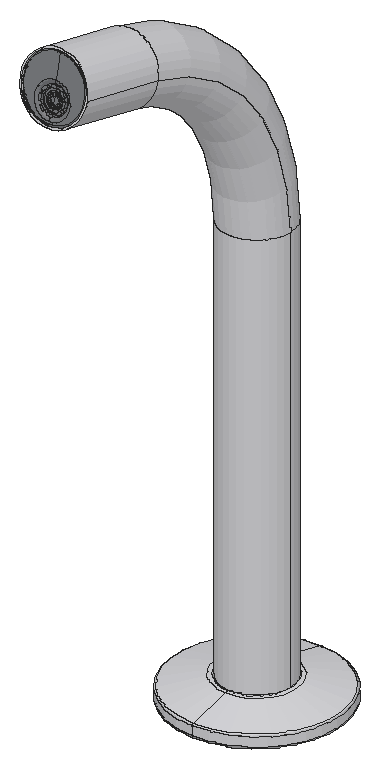
Revit family "Faucet-Touchless-Wall_Mount-Lavatory-KOHLER-Components-K-126MT36-1", category Plumbing Fixtures, host Face, Revit 2021
Family settings
  Host = Face
  Round Connector Dimension = Use Diameter
  Part Type = Normal
  OmniClass Number = 23.31.11.00
  OmniClass Title = Faucets
  Cut with Voids When Loaded = No
  Shared = No
  Room Calculation Point = No
Parameters (values of type "CP-Polished Chrome")
  Width = 2.3622"  # constant formula
  WaterSense Certified = 1 = 0  # no
  Waste Water Outlet = "Waste Water Outlet"  # constant formula
  Waste Connection = 1 = 0  # no
  Vent Connection = 1 = 0  # no
  URL = "https://www.us.kohler.com/us/"
  Type = 1
  Spout Reach = 9.50394"  # constant formula
  Product Page URL = "http://www.us.kohler.com/us/catalog/productDetails.jsp?productNumber=126MT36-SANA"
  Product Name = "Components"  # constant formula
  Product Documentation Link = "https://www.us.kohler.com/webassets/kpna/catalog/pdf/en/K-126MT36-SANA_spec_US-CA_Kohler_en.pdf"
  Pressure = 0.00 psi
  Model = "K-126MT36-SANA-CP"  # constant formula
  Material = "Premium Metal Construction"  # constant formula
  Master Format 2014 Name = "Residential Faucets, Supplies, and Trim"  # constant formula
  Master Format 2014 = "22 41 39"  # constant formula
  Manufacturer Address = "444 Highland Dr, Kohler, WI 53044"  # constant formula
  Manufacturer = "Kohler Co."  # constant formula
  Length = Spout Reach  # 9.50394"
  Hot Water Inlet = "Hot Water Inlet"  # constant formula
  Height = 2.3622"  # constant formula
  HW Connection = 1 = 0  # no
  Flow Rate = 0.5 GPM  # constant formula
  Finish = Kohler-Metal-CP-Polished_Chrome
  Environmental Product Declaration = ""
  Drain Included = 1 = 1  # yes
  Description = "Tube Wall Mount LL 0.5 GPM Hybrid - Cold Only"  # constant formula
  Default Elevation = 36"
  Declare Label = ""
  Date Modified = "01/14/2023"  # constant formula
  Date Created = "01/14/2023"  # constant formula
  Copyright = "Copyright Kohler Co."  # constant formula
  Contact Us = "https://www.us.kohler.com/us/static/contact.jsp"
  Cold Water Inlet = "Cold Water Inlet"  # constant formula
  CW Connection = 1 = 1  # yes
  Assembly Code = "D2010"
  ADA Compliant = 1 = 0  # no
Reference planes (in)
  plane 1 "Center (Front/Back)": y = 0
  plane 2: z = 0
  plane 3 "Center (Left/Right)": x = 0
  plane 4: y = 1.1811024
  plane 5: x = 1.1811024
  plane 6: x = -1.1811024
  plane 7: y = -1.1811024
  plane 8: y = -3.7716535
  plane 9: x = -0.492126
  plane 10: x = 0.492126
  plane 11: y = -3.8278338
  plane 12: z = 10.1299213
  plane 13: z = 9.503937
  plane 14: z = 0.3307087
Dimensions and locks (in)
  "Height": plane 4 to plane 7
  "Width": plane 6 to plane 5
  plane 1 "Center (Front/Back)" to plane 8 = 3.77165"
  "Length": plane 13 to level
  plane 9 to plane 10 = 0.98425"
  level to plane 12 = 10.12992"
  plane 14 to level = 0.33071"
  aligned and locked: plane 2 to host face
  aligned and locked: level to host face
  aligned and locked: plane 3 "Center (Left/Right)" to nested 1
  aligned and locked: plane 1 "Center (Front/Back)" to nested 1
  aligned and locked: plane 6 to nested 1
  aligned and locked: plane 5 to nested 1
  aligned and locked: plane 4 to nested 1
  aligned and locked: plane 7 to nested 1
  aligned and locked: plane 9 to nested 1
  aligned and locked: plane 10 to nested 1
  aligned and locked: plane 8 to nested 1
  aligned and locked: plane 11 to nested 1
Automatic sketch dimensions
  host sketch curve to host sketch curve = 96"  (x2)
Nested families (in)
  nested 1: "K-126MT36" at (0, 0, 0), type "K-126MT36"
Connectors (in)
  piping at (0, 0, 0), diameter 0.5, driven by "Flow Rate", driven by "CW Connection", driven by "Cold Water Inlet"
    settings: on nested 1, index 1, connector inside diameter 24", connector length 0", flow factor 0, pipe flow 0.5 GPM, pressure drop 0.00 psi, fitting loss kfactor 0, connector angle 0.00°, fixture units 0, engagement length 0", angle of deflection 0.00°, flow configuration 1, flow direction 1, fitting loss method 0, system type 20, joint type 0, gender type 0, connector reference index -1, connector utility 1, adjustable connector no, is connector primary yes, connector description "Cold Water Inlet"
Definition of nested family "K-126MT36"
  Parameters
    Material = none
    Default Elevation = 0"
  Reference planes (in)
    plane 1 "Center (Front/Back)": y = 0
    plane 2: z = 0
    plane 3 "Center (Left/Right)": x = 0
    plane 4: x = -1.1811024
    plane 5: x = 1.1811024
    plane 6: y = 1.1811024
    plane 7: y = -1.1811024
    plane 8: z = 9.503937
    plane 9: y = -3.7716535
    plane 10: z = 0.3307087
    plane 11: z = 10.1299213
    plane 12: x = -0.492126
    plane 13: x = 0.492126
    plane 14: through (0, -2.4468864, 9.3616362) normal (0, 0.225, 0.9744)
    plane 15: through (0, -3.3798661, 9.4154888) normal (0, 0.225, 0.9744)
    plane 16: y = -3.8278338
    plane 17: y = -0.6043788
  Forms (in)
    Revolve 1, solid, material <- "Material", detail levels medium+fine
      sketch origin (0, 0, 0) x (0, 1, 0) y (0, 0, 1)
        loop
          line (0, 0) -> (1.1574803, 0)
          arc (1.1574803, 0) -> (1.1741836, 0.0069187) -> (1.1811024, 0.023622) r 0.023622
          line (1.1811024, 0.023622) -> (1.1811024, 0.1611535)
          arc (1.1811024, 0.1611535) -> (1.1760152, 0.175798) -> (1.1629448, 0.1841348) r 0.023622
          line (1.1629448, 0.1841348) -> (0.5731044, 0.3243876)
          arc (0.5731044, 0.3243876) -> (0.5446358, 0.3293159) -> (0.5157761, 0.3306836) r 0.2330353
          arc (0.5157761, 0.3306836) -> (0.5002779, 0.3240632) -> (0.4938857, 0.3084695) r 0.0222164
          line (0.4938857, 0.3084695) -> (0.4938857, 0.1338583) -> (0, 0.1338583) -> (0, 0)
        axis (0, 0) -> (0, 0.3306836)
      angle from 0 to 360
    Sweep 2, solid, material <- "Material", detail levels medium+fine
      path origin (0, 0, 0) x (0, 1, 0) y (0, 0, 1)
        loop
          line (0, 0.1978143) -> (0, 6.3001765)
          arc (0, 6.3001765) -> (-0.682305, 8.253998) -> (-2.4325649, 9.3583298) r 3.1385953
          line (-2.4325649, 9.3583298) -> (-3.7204724, 9.6556667)
      profile origin (0, 0, 3.2489954) x (1, 0, 0) y (0, 1, 0)
        loop
          circle (0, 0) r 0.492126
    Revolve 3, void
      sketch origin (0, -0.0849902, 1.9266238) x (0, 1, 0) y (0, 0, 1)
        loop
          line (-2.3096893, 7.4229595) -> (-2.2042591, 7.879628) -> (-3.8892823, 8.2686462) -> (-3.9947125, 7.8119778) -> (-2.3096893, 7.4229595)
        axis (-2.3096893, 7.4229595) -> (-3.9947125, 7.8119778)
      angle from 0 to 360
    Revolve 4, solid, detail levels medium+fine
      sketch origin (0, -0.0849902, 1.9266238) x (0, 1, 0) y (0, 0, 1)
        loop
          line (-2.3096893, 7.4229595) -> (-2.2052759, 7.8752237) -> (-3.5028282, 8.1747872)
          arc (-3.5028282, 8.1747872) -> (-3.5176878, 8.1723006) -> (-3.5264369, 8.1600349) r 0.019685
          line (-3.5264369, 8.1600349) -> (-3.6264221, 7.7269512) -> (-2.3096893, 7.4229595)
        axis (-2.3096893, 7.4229595) -> (-3.6264221, 7.7269512)
      angle from 0 to 360
    Revolve 5, void
      sketch origin (0, -0.3233803, 2.1200539) x (0, 1, 0) y (0, 0, 1)
        loop
          line (-3.177496, 7.3233724) -> (-3.1324654, 7.5184216) -> (-3.3211905, 7.5619922)
          arc (-3.3211905, 7.5619922) -> (-3.3577811, 7.588092) -> (-3.3651992, 7.6324208) r 0.0587237
          line (-3.3651992, 7.6324208) -> (-3.328428, 7.7916946) -> (-3.4660944, 7.8234774) -> (-3.5611063, 7.4119358) -> (-3.177496, 7.3233724)
        axis (-3.177496, 7.3233724) -> (-3.5611063, 7.4119358)
      angle from 0 to 360
    Revolve 6, solid, detail levels medium+fine
      sketch origin (0, -0.3678412, 1.9848282) x (0, 1, 0) y (0, 0, 1)
        loop
          line (-3.3060986, 7.7014786) -> (-3.3149413, 7.6598766) -> (-3.1089054, 7.6123095) -> (-3.099701, 7.653828) -> (-3.3060986, 7.7014786)
        axis (-3.1432925, 7.4633625) -> (-3.3500517, 7.5110967)
      angle from 0 to 360
    Extrusion 7, solid, detail levels medium+fine
      sketch origin (-0.0005115, -1.4958358, 1.2489174) x (1, 0, 0) y (0, 0.224951, 0.97437)
        loop
          arc (-0.0396235, 7.6904989) -> (-0.0000043, 7.6933186) -> (0.0396498, 7.6910406) r 0.3094737
          line (0.0396498, 7.6910406) -> (0.0396498, 7.7219586)
          arc (0.0396498, 7.7219586) -> (0.0000132, 7.7284816) -> (-0.0396235, 7.7219586) r 0.1236859
          line (-0.0396235, 7.7219586) -> (-0.0396235, 7.6904989)
        loop
          line (-0.0882402, 7.663237) -> (-0.1097349, 7.6854564)
          arc (-0.1097349, 7.6854564) -> (-0.1427584, 7.6625858) -> (-0.1667111, 7.6303386) r 0.1236859
          line (-0.1667111, 7.6303386) -> (-0.144835, 7.6077249)
          arc (-0.144835, 7.6077249) -> (-0.1183225, 7.6373006) -> (-0.0882402, 7.663237) r 0.3094737
        loop
          line (-0.1567322, 7.5726069) -> (-0.1876271, 7.5715009)
          arc (-0.1876271, 7.5715009) -> (-0.192728, 7.5316563) -> (-0.1847911, 7.4922784) r 0.1236859
          line (-0.1847911, 7.4922784) -> (-0.1533479, 7.493404)
          arc (-0.1533479, 7.493404) -> (-0.1575866, 7.5328966) -> (-0.1567322, 7.5726069) r 0.3094737
        loop
          arc (0.0882665, 7.663237) -> (0.1183488, 7.6373006) -> (0.1448613, 7.6077249) r 0.3094737
          line (0.1448613, 7.6077249) -> (0.1667374, 7.6303386)
          arc (0.1667374, 7.6303386) -> (0.1427847, 7.6625858) -> (0.1097612, 7.6854564) r 0.1236859
          line (0.1097612, 7.6854564) -> (0.0882665, 7.663237)
        loop
          arc (0.1567585, 7.5726069) -> (0.1576129, 7.5328966) -> (0.1533743, 7.493404) r 0.3094737
          line (0.1533743, 7.493404) -> (0.1848174, 7.4922784)
          arc (0.1848174, 7.4922784) -> (0.1927543, 7.5316563) -> (0.1876534, 7.5715009) r 0.1236859
          line (0.1876534, 7.5715009) -> (0.1567585, 7.5726069)
        loop
          line (-0.0396235, 7.382041) -> (-0.0396235, 7.3505813)
          arc (-0.0396235, 7.3505813) -> (0.0000132, 7.3440583) -> (0.0396498, 7.3505813) r 0.1236859
          line (0.0396498, 7.3505813) -> (0.0396498, 7.3814993)
          arc (0.0396498, 7.3814993) -> (-0.0000043, 7.3792213) -> (-0.0396235, 7.382041) r 0.3094737
        loop
          arc (-0.0836266, 7.4000756) -> (-0.1137088, 7.4260119) -> (-0.1402213, 7.4555876) r 0.3094737
          line (-0.1402213, 7.4555876) -> (-0.1620974, 7.432974)
          arc (-0.1620974, 7.432974) -> (-0.1381447, 7.4007268) -> (-0.1051212, 7.3778562) r 0.1236859
          line (-0.1051212, 7.3778562) -> (-0.0836266, 7.4000756)
        loop
          line (0.0851908, 7.4031513) -> (0.1066854, 7.380932)
          arc (0.1066854, 7.380932) -> (0.1397089, 7.4038026) -> (0.1636616, 7.4360498) r 0.1236859
          line (0.1636616, 7.4360498) -> (0.1417855, 7.4586634)
          arc (0.1417855, 7.4586634) -> (0.115273, 7.4290877) -> (0.0851908, 7.4031513) r 0.3094737
      from 3.8122786 to 4.0566325
    Revolve 8, solid, detail levels medium+fine
      sketch origin (0, -0.3911332, 2.0171446) x (0, 1, 0) y (0, 0, 1)
        loop
          line (-3.0904134, 7.5442751) -> (-3.0831434, 7.5757651) -> (-3.2838951, 7.6221123) -> (-3.2911651, 7.5906223) -> (-3.0904134, 7.5442751)
        axis (-3.1164926, 7.4313139) -> (-3.3172443, 7.4776611)
      angle from 0 to 360
    Revolve 9, solid, detail levels medium+fine
      sketch origin (0, 0.0050491, 0.0272177) x (0, 1, 0) y (0, 0, 1)
        loop
          line (-3.4896915, 9.5332704) -> (-3.681107, 9.5774622) -> (-3.7070047, 9.4652871) -> (-3.5155892, 9.4210953) -> (-3.4896915, 9.5332704)
        axis (-3.5155892, 9.4210953) -> (-3.7070047, 9.4652871)
      angle from 0 to 360
    Extrusion 10, void
      sketch origin (0.0030758, -2.2318006, -0.5809107) x (1, 0, 0) y (0, 0.224951, 0.97437)
        loop
          circle (-0.0005806, 9.387847) r 0.0098425
        loop
          circle (-0.034225, 9.3979399) r 0.0098425
        loop
          circle (-0.0634403, 9.4160409) r 0.0098425
        loop
          circle (-0.0847029, 9.4430424) r 0.0098425
        loop
          circle (0.0330638, 9.3979399) r 0.0098425
        loop
          circle (0.0622791, 9.4160409) r 0.0098425
        loop
          circle (0.0835417, 9.4430424) r 0.0098425
        loop
          circle (0.0024952, 9.4166566) r 0.0098425
        loop
          circle (-0.0318288, 9.4274789) r 0.0098425
        loop
          circle (-0.0537379, 9.4560314) r 0.0098425
        loop
          circle (0.0368192, 9.4274789) r 0.0098425
        loop
          circle (0.0587283, 9.4560314) r 0.0098425
        loop
          circle (-0.0005806, 9.5690782) r 0.0098425
        loop
          circle (-0.034225, 9.5589854) r 0.0098425
        loop
          circle (-0.0634403, 9.5408844) r 0.0098425
        loop
          circle (-0.0847029, 9.5138828) r 0.0098425
        loop
          circle (0.0330638, 9.5589854) r 0.0098425
        loop
          circle (0.0622791, 9.5408844) r 0.0098425
        loop
          circle (0.0835417, 9.5138828) r 0.0098425
        loop
          circle (0.0024952, 9.5402687) r 0.0098425
        loop
          circle (-0.0318288, 9.5294464) r 0.0098425
        loop
          circle (-0.0537379, 9.5008938) r 0.0098425
        loop
          circle (0.0368192, 9.5294464) r 0.0098425
        loop
          circle (0.0587283, 9.5008938) r 0.0098425
        loop
          circle (-0.0847029, 9.4781446) r 0.0098425
        loop
          circle (0.0835417, 9.4781446) r 0.0098425
      from 3.5353096 to 3.8021111
    Sweep 11, solid, material <- "Material", detail levels coarse
      path origin (0, 0, 0) x (0, 1, 0) y (0, 0, 1)
        loop
          line (0, 0.1978143) -> (0, 6.3001765)
          arc (0, 6.3001765) -> (-0.682305, 8.253998) -> (-2.4325649, 9.3583298) r 3.1385953
          line (-2.4325649, 9.3583298) -> (-3.7204724, 9.6556667)
      profile origin (0, 0, 3.2489954) x (1, 0, 0) y (0, 1, 0)
        loop
          circle (0, 0) r 0.492126
    Revolve 12, solid, material <- "Material", detail levels coarse
      sketch origin (0, 0, 0) x (0, 1, 0) y (0, 0, 1)
        loop
          line (0, 0) -> (1.1574803, 0)
          arc (1.1574803, 0) -> (1.1741836, 0.0069187) -> (1.1811024, 0.023622) r 0.023622
          line (1.1811024, 0.023622) -> (1.1811024, 0.1611535)
          arc (1.1811024, 0.1611535) -> (1.1760152, 0.175798) -> (1.1629448, 0.1841348) r 0.023622
          line (1.1629448, 0.1841348) -> (0.5731044, 0.3243876)
          arc (0.5731044, 0.3243876) -> (0.5446358, 0.3293159) -> (0.5157761, 0.3306836) r 0.2330353
          arc (0.5157761, 0.3306836) -> (0.5002779, 0.3240632) -> (0.4938857, 0.3084695) r 0.0222164
          line (0.4938857, 0.3084695) -> (0.4938857, 0.1338583) -> (0, 0.1338583) -> (0, 0)
        axis (0, 0) -> (0, 0.3306836)
      angle from 0 to 360
    Extrusion 13, solid, material <- "Material"
      sketch origin (0, 0, 0) x (1, 0, 0) y (0, 1, 0)
        loop
          circle (0, 0) r 0.0787402
      from 0 to 0.056147
    Extrusion 14, solid, material <- "Material"
      sketch origin (0, 0, 0) x (1, 0, 0) y (0, 1, 0)
        loop
          circle (0, -0.6043788) r 0.0787402
      from 0 to 0.0671266
  Cuts and joins
    Revolve 3 cuts Sweep 2
    Revolve 5 cuts Revolve 4
    Extrusion 10 cuts Revolve 9
  Lines and regions (in)
    Masking region 1
      outline origin (0, 0, 0) x (1, 0, 0) y (0, 1, 0)
        loop
          arc (0.492126, -1.0736921) -> (0.8894666, -0.7770791) -> (1.1300454, -0.3435116) r 1.1811024
          arc (1.1300454, -0.3435116) -> (1.1682616, -0.1816062) -> (1.1811024, -0.015748) r 1.0775782
          line (1.1811024, -0.015748) -> (1.1811024, 0.015748)
          arc (1.1811024, 0.015748) -> (1.1687961, 0.1779707) -> (1.1321588, 0.3364806) r 1.0753702
          arc (1.1321588, 0.3364806) -> (0.8294308, 0.8408611) -> (0.3209543, 1.1366579) r 1.1811024
          arc (0.3209543, 1.1366579) -> (0.1726674, 1.1699309) -> (0.0211045, 1.1811024) r 1.0337077
          line (0.0211045, 1.1811024) -> (-0.0103916, 1.1811024)
          arc (-0.0103916, 1.1811024) -> (-0.2150046, 1.1623256) -> (-0.4127827, 1.1066224) r 1.1242352
          arc (-0.4127827, 1.1066224) -> (-0.8588859, 0.8107514) -> (-1.1285652, 0.3483437) r 1.1811024
          arc (-1.1285652, 0.3483437) -> (-1.1678871, 0.1841078) -> (-1.1811024, 0.015748) r 1.0790464
          line (-1.1811024, 0.015748) -> (-1.1811024, -0.015748)
          arc (-1.1811024, -0.015748) -> (-1.1729323, -0.1465837) -> (-1.1485491, -0.2753866) r 1.05169
          arc (-1.1485491, -0.2753866) -> (-0.912292, -0.7501508) -> (-0.492126, -1.0736921) r 1.1811024
          line (-0.492126, -1.0736921) -> (-0.492126, -3.7141778)
          spline (-0.492126, -3.7141778) -> (-0.4888881, -3.7271874) -> (-0.4792172, -3.7400258) -> (-0.4632404, -3.752524) -> (-0.4411681, -3.7645176) -> (-0.4132906, -3.7758489) -> (-0.3799747, -3.7863687) -> (-0.3416589, -3.7959385) -> (-0.2988474, -3.8044324) -> (-0.2521035, -3.8117388) -> (-0.2020422, -3.8177613) -> (-0.1493223, -3.8224209) -> (-0.0946376, -3.8256561)
          arc (-0.0946376, -3.8256561) -> (-0.053918, -3.8272893) -> (-0.0131693, -3.8278338) r 1.5250192
          line (-0.0131693, -3.8278338) -> (0.0183267, -3.8278338)
          arc (0.0183267, -3.8278338) -> (0.0788202, -3.8266588) -> (0.1392224, -3.8231358) r 1.5579046
          spline (0.1392224, -3.8231358) -> (0.1888355, -3.8190807) -> (0.2362888, -3.8138257) -> (0.2810394, -3.8074309) -> (0.3225756, -3.7999695) -> (0.3604223, -3.7915269) -> (0.3941465, -3.7821996) -> (0.4233626, -3.7720942) -> (0.4477364, -3.7613265) -> (0.4669891, -3.7500194) -> (0.4809006, -3.7383024) -> (0.4893116, -3.7263095) -> (0.492126, -3.7141778)
          line (0.492126, -3.7141778) -> (0.492126, -1.0736921)
    Masking region 2
      outline origin (0, 0, 0) x (1, 0, 0) y (0, 0, 1)
        loop
          arc (1.1574803, 0) -> (1.1741836, 0.0069187) -> (1.1811024, 0.023622) r 0.023622
          line (1.1811024, 0.023622) -> (1.1811024, 0.160041)
          arc (1.1811024, 0.160041) -> (1.1759671, 0.1747461) -> (1.1627941, 0.1830576) r 0.023622
          line (1.1627941, 0.1830576) -> (0.5232472, 0.3307087) -> (0.492126, 0.3307087) -> (0.492126, 9.6379185)
          arc (0.492126, 9.6379185) -> (0.416648, 9.8998201) -> (0.2133662, 10.0813853) r 0.492126
          arc (0.2133662, 10.0813853) -> (0.1184789, 10.1176062) -> (0.0176627, 10.1299213) r 0.4188197
          line (0.0176627, 10.1299213) -> (-0.0138333, 10.1299213)
          arc (-0.0138333, 10.1299213) -> (-0.1441752, 10.1104615) -> (-0.2631493, 10.0537796) r 0.446247
          arc (-0.2631493, 10.0537796) -> (-0.4310978, 9.8752846) -> (-0.492126, 9.6379185) r 0.492126
          line (-0.492126, 9.6379185) -> (-0.492126, 0.3307087) -> (-0.5232472, 0.3307087) -> (-1.1627941, 0.1830576)
          arc (-1.1627941, 0.1830576) -> (-1.1759671, 0.1747461) -> (-1.1811024, 0.160041) r 0.023622
          line (-1.1811024, 0.160041) -> (-1.1811024, 0.023622)
          arc (-1.1811024, 0.023622) -> (-1.1741836, 0.0069187) -> (-1.1574803, 0) r 0.023622
          line (-1.1574803, 0) -> (1.1574803, 0)
    Masking region 3
      outline origin (0, 0, 0) x (0, 1, 0) y (0, 0, 1)
        loop
          line (-1.1574803, 0) -> (1.1574803, 0)
          arc (1.1574803, 0) -> (1.1741836, 0.0069187) -> (1.1811024, 0.023622) r 0.023622
          line (1.1811024, 0.023622) -> (1.1811024, 0.1658338)
          arc (1.1811024, 0.1658338) -> (1.1759671, 0.1805389) -> (1.1627941, 0.1888504) r 0.023622
          line (1.1627941, 0.1888504) -> (0.5483386, 0.3307087) -> (0.4923043, 0.3307087) -> (0.4923043, 6.2376856)
          arc (0.4923043, 6.2376856) -> (-0.3094163, 8.5402003) -> (-2.3678203, 9.8468384) r 3.7072331
          line (-2.3678203, 9.8468384) -> (-3.5739104, 10.1299213) -> (-3.6109821, 10.1299213) -> (-3.685261, 9.8081843) -> (-3.7124844, 9.761032) -> (-3.742985, 9.6289194) -> (-3.7359104, 9.5887976) -> (-3.7631338, 9.5416453) -> (-3.7793765, 9.4712905) -> (-3.7706005, 9.4385382) -> (-3.7978403, 9.3846581) -> (-3.8278338, 9.2547424) -> (-3.8278338, 9.1755593) -> (-2.6057837, 8.8934268)
          arc (-2.6057837, 8.8934268) -> (-1.0851096, 7.9339529) -> (-0.4923043, 6.2364189) r 2.7268981
          line (-0.4923043, 6.2364189) -> (-0.4923043, 0.3307087) -> (-0.5483386, 0.3307087) -> (-1.1627941, 0.1888504)
          arc (-1.1627941, 0.1888504) -> (-1.1759671, 0.1805389) -> (-1.1811024, 0.1658338) r 0.023622
          line (-1.1811024, 0.1658338) -> (-1.1811024, 0.023622)
          arc (-1.1811024, 0.023622) -> (-1.1741836, 0.0069187) -> (-1.1574803, 0) r 0.023622
    symbolic lines, detail levels medium+fine
      curve 1: spline (-0.0416184, -3.6793645, 0) -> (-0.0649554, -3.6804177, 0) -> (-0.0878325, -3.6819299, 0) -> (-0.1100871, -3.6838904, 0) -> (-0.131561, -3.6862853, 0) -> (-0.1521013, -3.6890975, 0) -> (-0.1715622, -3.6923071, 0) -> (-0.1898053, -3.6958911, 0) -> (-0.2067008, -3.6998242, 0) -> (-0.2221286, -3.7040784, 0) -> (-0.235979, -3.7086234, 0) -> (-0.2481536, -3.7134269, 0) -> (-0.2585657, -3.7184547, 0)
      curve 2: line (-0.0416184, -3.7202486, 0) -> (-0.0416184, -3.6793645, 0)
      curve 3: line (0.0433214, -3.7202486, 0) -> (0.0433214, -3.6794453, 0)
      curve 4: line (-0.0416184, -3.7202486, 0) -> (0.0433214, -3.7202486, 0)
      curve 5: spline (0.0433214, -3.6794453, 0) -> (0.039768, -3.6793198, 0) -> (0.036208, -3.6792049, 0) -> (0.0326421, -3.6791008, 0) -> (0.0290708, -3.6790073, 0) -> (0.0254948, -3.6789246, 0) -> (0.0219146, -3.6788526, 0) -> (0.0183307, -3.6787914, 0) -> (0.0147439, -3.678741, 0) -> (0.0111546, -3.6787013, 0) -> (0.0075634, -3.6786724, 0) -> (0.003971, -3.6786542, 0) -> (0.0003779, -3.6786469, 0)
      curve 6: arc (-0.0416184, -3.7056228, 0) -> (0.0008515, -3.7074904, 0) -> (0.0433214, -3.7056228, 0) r 0.4838157
      curve 7: line (-0.2144239, -3.7315888, 0) -> (-0.2144239, -3.7194024, 0)
      curve 8: line (-0.1238531, -3.7275205, 0) -> (-0.1238531, -3.6853653, 0)
      curve 9: arc (-0.2144239, -3.7315888, 0) -> (-0.1856764, -3.7261475, 0) -> (-0.1567555, -3.7217189, 0) r 0.8332684
      curve 10: line (-0.1567555, -3.7217189, 0) -> (-0.1567555, -3.6898135, 0)
      curve 11: line (-0.1567555, -3.7217189, 0) -> (-0.1238531, -3.7275205, 0)
      curve 12: line (-0.1829125, -3.7412026, 0) -> (-0.2144239, -3.7315888, 0)
      curve 13: line (-0.1829125, -3.7412026, 0) -> (-0.1238531, -3.7275205, 0)
      curve 14: line (-0.2167191, -3.7186773, 0) -> (-0.2167191, -3.7541139, 0)
      curve 15: line (-0.2167191, -3.7186773, 0) -> (-0.2589762, -3.7186773, 0)
      curve 16: line (-0.2195164, -3.7805312, 0) -> (-0.2456404, -3.7805312, 0)
      curve 17: spline (-0.2585657, -3.7184547, 0) -> (-0.2591978, -3.7187984, 0) -> (-0.2598215, -3.7191428, 0) -> (-0.2604371, -3.7194881, 0) -> (-0.2610443, -3.7198342, 0) -> (-0.2616432, -3.7201812, 0) -> (-0.2622338, -3.7205289, 0) -> (-0.2628161, -3.7208773, 0) -> (-0.2633899, -3.7212266, 0) -> (-0.2639554, -3.7215766, 0) -> (-0.2645125, -3.7219274, 0) -> (-0.2650612, -3.7222788, 0) -> (-0.2656014, -3.7226311, 0)
      curve 18: spline (-0.2656014, -3.7226311, 0) -> (-0.2711929, -3.7267221, 0) -> (-0.2756473, -3.7308899, 0) -> (-0.2789458, -3.7351167, 0) -> (-0.2810748, -3.739385, 0) -> (-0.2820251, -3.7436768, 0) -> (-0.2817929, -3.747974, 0) -> (-0.280379, -3.7522587, 0) -> (-0.2777895, -3.7565129, 0) -> (-0.2740352, -3.7607186, 0) -> (-0.2691319, -3.7648583, 0) -> (-0.2631001, -3.7689146, 0) -> (-0.2559652, -3.7728704, 0)
      curve 19: line (-0.2549942, -3.7582542, 0) -> (-0.2208594, -3.7582542, 0)
      curve 20: arc (-0.2603137, -3.7529348, 0) -> (-0.2587557, -3.7566962, 0) -> (-0.2549942, -3.7582542, 0) r 0.0053195
      curve 21: arc (-0.2208594, -3.7582542, 0) -> (-0.2179318, -3.7570415, 0) -> (-0.2167191, -3.7541139, 0) r 0.0041403
      curve 22: arc (-0.2167191, -3.7541139, 0) -> (-0.2197365, -3.7649638, 0) -> (-0.2168233, -3.7758422, 0) r 0.0213849
      curve 23: arc (-0.2168233, -3.7758422, 0) -> (-0.2168127, -3.7789662, 0) -> (-0.2195164, -3.7805312, 0) r 0.0031179
      curve 24: arc (-0.2603137, -3.7529348, 0) -> (-0.260627, -3.7653067, 0) -> (-0.2541335, -3.7758422, 0) r 0.021725
      curve 25: spline (-0.2381971, -3.7805312, 0) -> (-0.2351917, -3.781622, 0) -> (-0.2320959, -3.7826987, 0) -> (-0.2289112, -3.783761, 0) -> (-0.2256386, -3.7848083, 0) -> (-0.2222794, -3.7858403, 0) -> (-0.2188349, -3.7868567, 0) -> (-0.2153065, -3.787857, 0) -> (-0.2116955, -3.7888408, 0) -> (-0.2080033, -3.7898077, 0) -> (-0.2042312, -3.7907574, 0) -> (-0.2003809, -3.7916896, 0) -> (-0.1964536, -3.7926038, 0)
      curve 26: line (-0.2603137, -3.7529348, 0) -> (-0.2167191, -3.752982, 0)
      curve 27: line (-0.2168233, -3.7758422, 0) -> (-0.2541335, -3.7758422, 0)
      curve 28: arc (-0.2541335, -3.7758422, 0) -> (-0.2501521, -3.7786669, 0) -> (-0.2456404, -3.7805312, 0) r 0.021725
      curve 29: spline (-0.1238531, -3.7044819, 0) -> (-0.1178036, -3.7036123, 0) -> (-0.1115747, -3.7027867, 0) -> (-0.1051759, -3.7020066, 0) -> (-0.0986169, -3.7012729, 0) -> (-0.0919077, -3.7005869, 0) -> (-0.0850585, -3.6999496, 0) -> (-0.0780796, -3.699362, 0) -> (-0.0709818, -3.6988249, 0) -> (-0.0637757, -3.6983392, 0) -> (-0.0564724, -3.6979055, 0) -> (-0.0490828, -3.6975247, 0) -> (-0.0416184, -3.6971972, 0)
      curve 30: spline (0.0003779, -3.6786469, 0) -> (-0.0031342, -3.6786501, 0) -> (-0.0066459, -3.6786637, 0) -> (-0.0101566, -3.6786875, 0) -> (-0.0136657, -3.6787217, 0) -> (-0.0171728, -3.6787661, 0) -> (-0.0206772, -3.6788208, 0) -> (-0.0241785, -3.6788858, 0) -> (-0.0276761, -3.6789611, 0) -> (-0.0311694, -3.6790466, 0) -> (-0.0346579, -3.6791423, 0) -> (-0.0381411, -3.6792483, 0) -> (-0.0416184, -3.6793645, 0)
      curve 31: line (0.1243441, -3.7275205, 0) -> (0.1243441, -3.6853653, 0)
      curve 32: arc (0.2149149, -3.7315888, 0) -> (0.1861674, -3.7261475, 0) -> (0.1572465, -3.7217189, 0) r 0.8332684
      curve 33: line (0.1572465, -3.7217189, 0) -> (0.1572465, -3.6898135, 0)
      curve 34: line (0.1572465, -3.7217189, 0) -> (0.1243441, -3.7275205, 0)
      curve 35: line (0.1834035, -3.7412026, 0) -> (0.2149149, -3.7315888, 0)
      curve 36: line (0.1834035, -3.7412026, 0) -> (0.1243441, -3.7275205, 0)
      curve 37: line (0.2172101, -3.7186773, 0) -> (0.2172101, -3.7541139, 0)
      curve 38: line (0.2172101, -3.7186773, 0) -> (0.2594672, -3.7186773, 0)
      curve 39: spline (0.2594672, -3.7186773, 0) -> (0.2666621, -3.7230094, 0) -> (0.2725496, -3.7274495, 0) -> (0.2771009, -3.7319758, 0) -> (0.2802935, -3.7365661, 0) -> (0.2821117, -3.7411978, 0) -> (0.2825466, -3.745848, 0) -> (0.2815961, -3.750494, 0) -> (0.2792648, -3.7551129, 0) -> (0.2755642, -3.759682, 0) -> (0.2705125, -3.7641789, 0) -> (0.2641345, -3.7685813, 0) -> (0.2564616, -3.7728677, 0)
      curve 40: line (0.2554853, -3.7582542, 0) -> (0.2213504, -3.7582542, 0)
      curve 41: line (0.2608047, -3.7529348, 0) -> (0.2172101, -3.752982, 0)
      curve 42: line (0.2173143, -3.7758422, 0) -> (0.2546245, -3.7758422, 0)
      curve 43: arc (0.2546245, -3.7758422, 0) -> (0.2506431, -3.7786669, 0) -> (0.2461314, -3.7805312, 0) r 0.021725
      curve 44: spline (0.2386881, -3.7805312, 0) -> (0.2356827, -3.781622, 0) -> (0.2325869, -3.7826987, 0) -> (0.2294022, -3.783761, 0) -> (0.2261296, -3.7848083, 0) -> (0.2227704, -3.7858403, 0) -> (0.2193259, -3.7868567, 0) -> (0.2157975, -3.787857, 0) -> (0.2121865, -3.7888408, 0) -> (0.2084943, -3.7898077, 0) -> (0.2047222, -3.7907574, 0) -> (0.2008719, -3.7916896, 0) -> (0.1969446, -3.7926038, 0)
      curve 45: line (0.2200074, -3.7805312, 0) -> (0.2461314, -3.7805312, 0)
      curve 46: arc (0.2172101, -3.7541139, 0) -> (0.2202275, -3.7649638, 0) -> (0.2173143, -3.7758422, 0) r 0.0213849
      curve 47: arc (0.2608047, -3.7529348, 0) -> (0.2592467, -3.7566962, 0) -> (0.2554853, -3.7582542, 0) r 0.0053195
      curve 48: arc (0.2213504, -3.7582542, 0) -> (0.2184228, -3.7570415, 0) -> (0.2172101, -3.7541139, 0) r 0.0041403
      curve 49: arc (0.2608047, -3.7529348, 0) -> (0.261118, -3.7653067, 0) -> (0.2546245, -3.7758422, 0) r 0.021725
      curve 50: arc (0.2173143, -3.7758422, 0) -> (0.2173037, -3.7789662, 0) -> (0.2200074, -3.7805312, 0) r 0.0031179
      curve 51: spline (0.0421094, -3.6793645, 0) -> (0.06553, -3.6804223, 0) -> (0.0884868, -3.6819425, 0) -> (0.1108154, -3.6839141, 0) -> (0.1323559, -3.686323, 0) -> (0.152954, -3.6891521, 0) -> (0.1724622, -3.6923809, 0) -> (0.1907409, -3.6959864, 0) -> (0.207659, -3.6999428, 0) -> (0.2230955, -3.7042218, 0) -> (0.2369397, -3.7087927, 0) -> (0.2490927, -3.7136227, 0) -> (0.2594672, -3.7186773, 0)
      curve 52: spline (0.0433214, -3.6972465, 0) -> (0.0506746, -3.6975778, 0) -> (0.0579531, -3.6979609, 0) -> (0.0651464, -3.6983953, 0) -> (0.0722436, -3.6988803, 0) -> (0.0792344, -3.6994153, 0) -> (0.0861084, -3.6999993, 0) -> (0.0928554, -3.7006316, 0) -> (0.0994655, -3.7013113, 0) -> (0.1059288, -3.7020372, 0) -> (0.1122359, -3.7028084, 0) -> (0.1183773, -3.7036237, 0) -> (0.1243441, -3.7044819, 0)
      curve 53: spline (0.1792423, -3.7477245, 0) -> (0.1605776, -3.7536738, 0) -> (0.1361567, -3.7588678, 0) -> (0.1068563, -3.7631198, 0) -> (0.0737284, -3.7662773, 0) -> (0.0379623, -3.7682269, 0) -> (0.000842, -3.7688986, 0) -> (-0.0362996, -3.7682684, 0) -> (-0.0721292, -3.7663587, 0) -> (-0.1053604, -3.7632383, 0) -> (-0.1348002, -3.759019, 0) -> (-0.1593915, -3.7538525, 0) -> (-0.1782515, -3.7479241, 0)
      curve 54: spline (-0.1782515, -3.7479241, 0) -> (-0.1802586, -3.7471023, 0) -> (-0.1821543, -3.7462716, 0) -> (-0.1839373, -3.7454325, 0) -> (-0.1856066, -3.7445855, 0) -> (-0.1871612, -3.7437311, 0) -> (-0.1886001, -3.7428698, 0) -> (-0.1899223, -3.7420023, 0) -> (-0.1911272, -3.7411289, 0) -> (-0.1922139, -3.7402503, 0) -> (-0.1931817, -3.739367, 0) -> (-0.1940302, -3.7384795, 0) -> (-0.1947586, -3.7375885, 0)
      curve 55: spline (0.1952496, -3.7375885, 0) -> (0.1945372, -3.7384615, 0) -> (0.1937095, -3.739331, 0) -> (0.1927673, -3.7401966, 0) -> (0.1917109, -3.7410577, 0) -> (0.1905411, -3.7419138, 0) -> (0.1892586, -3.7427644, 0) -> (0.187864, -3.743609, 0) -> (0.1863583, -3.7444471, 0) -> (0.1847422, -3.7452782, 0) -> (0.1830169, -3.7461018, 0) -> (0.1811832, -3.7469174, 0) -> (0.1792423, -3.7477245, 0)
      curve 56: spline (0.2149149, -3.7194024, 0) -> (0.2161871, -3.7218177, 0) -> (0.2169527, -3.7242445, 0) -> (0.2172101, -3.726677, 0) -> (0.2169585, -3.7291095, 0) -> (0.2161986, -3.7315363, 0) -> (0.2149322, -3.7339518, 0) -> (0.2131622, -3.7363503, 0) -> (0.2108928, -3.7387261, 0) -> (0.2081292, -3.7410736, 0) -> (0.2048781, -3.7433874, 0) -> (0.201147, -3.7456621, 0) -> (0.1969446, -3.7478923, 0)
      curve 57: line (-0.2144239, -3.7194024, 0) -> (-0.2144239, -3.701863, 0)
      curve 58: line (0.2149149, -3.7315888, 0) -> (0.2149149, -3.701863, 0)
      curve 59: spline (-0.1142228, -3.7105461, 0) -> (-0.1131405, -3.7094581, 0) -> (-0.1099673, -3.7084442, 0) -> (-0.1049196, -3.7075735, 0) -> (-0.0983413, -3.7069054, 0) -> (-0.0906806, -3.7064855, 0) -> (-0.0824598, -3.7063422, 0) -> (-0.0742389, -3.7064855, 0) -> (-0.0665782, -3.7069054, 0) -> (-0.0599999, -3.7075735, 0) -> (-0.0549522, -3.7084442, 0) -> (-0.051779, -3.7094581, 0) -> (-0.0506967, -3.7105461, 0) -> (-0.051779, -3.7116342, 0) -> (-0.0549522, -3.7126481, 0) -> (-0.0599999, -3.7135188, 0) -> (-0.0665782, -3.7141868, 0) -> (-0.0742389, -3.7146068, 0) -> (-0.0824598, -3.7147501, 0) -> (-0.0906806, -3.7146068, 0) -> (-0.0983413, -3.7141868, 0) -> (-0.1049196, -3.7135188, 0) -> (-0.1099673, -3.7126481, 0) -> (-0.1131405, -3.7116342, 0) -> (-0.1142228, -3.7105461, 0)
      curve 60: spline (-0.1466864, -3.7430098, 0) -> (-0.1456041, -3.7419217, 0) -> (-0.142431, -3.7409078, 0) -> (-0.1373833, -3.7400372, 0) -> (-0.1308049, -3.7393691, 0) -> (-0.1231443, -3.7389491, 0) -> (-0.1149234, -3.7388059, 0) -> (-0.1067025, -3.7389491, 0) -> (-0.0990419, -3.7393691, 0) -> (-0.0924636, -3.7400372, 0) -> (-0.0874158, -3.7409078, 0) -> (-0.0842427, -3.7419217, 0) -> (-0.0831604, -3.7430098, 0) -> (-0.0842427, -3.7440979, 0) -> (-0.0874158, -3.7451118, 0) -> (-0.0924636, -3.7459824, 0) -> (-0.0990419, -3.7466505, 0) -> (-0.1067025, -3.7470705, 0) -> (-0.1149234, -3.7472137, 0) -> (-0.1231443, -3.7470705, 0) -> (-0.1308049, -3.7466505, 0) -> (-0.1373833, -3.7459824, 0) -> (-0.142431, -3.7451118, 0) -> (-0.1456041, -3.7440979, 0) -> (-0.1466864, -3.7430098, 0)
      curve 61: spline (-0.0822231, -3.7350947, 0) -> (-0.0811408, -3.7340066, 0) -> (-0.0779676, -3.7329927, 0) -> (-0.0729199, -3.7321221, 0) -> (-0.0663415, -3.731454, 0) -> (-0.0586809, -3.731034, 0) -> (-0.05046, -3.7308908, 0) -> (-0.0422392, -3.731034, 0) -> (-0.0345785, -3.731454, 0) -> (-0.0280002, -3.7321221, 0) -> (-0.0229525, -3.7329927, 0) -> (-0.0197793, -3.7340066, 0) -> (-0.018697, -3.7350947, 0) -> (-0.0197793, -3.7361828, 0) -> (-0.0229525, -3.7371967, 0) -> (-0.0280002, -3.7380673, 0) -> (-0.0345785, -3.7387354, 0) -> (-0.0422392, -3.7391554, 0) -> (-0.05046, -3.7392986, 0) -> (-0.0586809, -3.7391554, 0) -> (-0.0663415, -3.7387354, 0) -> (-0.0729199, -3.7380673, 0) -> (-0.0779676, -3.7371967, 0) -> (-0.0811408, -3.7361828, 0) -> (-0.0822231, -3.7350947, 0)
      curve 62: spline (-0.0725677, -3.7558007, 0) -> (-0.0714854, -3.7547127, 0) -> (-0.0683122, -3.7536988, 0) -> (-0.0632645, -3.7528281, 0) -> (-0.0566862, -3.75216, 0) -> (-0.0490255, -3.7517401, 0) -> (-0.0408047, -3.7515968, 0) -> (-0.0325838, -3.7517401, 0) -> (-0.0249231, -3.75216, 0) -> (-0.0183448, -3.7528281, 0) -> (-0.0132971, -3.7536988, 0) -> (-0.0101239, -3.7547127, 0) -> (-0.0090416, -3.7558007, 0) -> (-0.0101239, -3.7568888, 0) -> (-0.0132971, -3.7579027, 0) -> (-0.0183448, -3.7587734, 0) -> (-0.0249231, -3.7594414, 0) -> (-0.0325838, -3.7598614, 0) -> (-0.0408047, -3.7600047, 0) -> (-0.0490255, -3.7598614, 0) -> (-0.0566862, -3.7594414, 0) -> (-0.0632645, -3.7587734, 0) -> (-0.0683122, -3.7579027, 0) -> (-0.0714854, -3.7568888, 0) -> (-0.0725677, -3.7558007, 0)
      curve 63: spline (0.0078245, -3.7558007, 0) -> (0.0089068, -3.7547127, 0) -> (0.0120799, -3.7536988, 0) -> (0.0171277, -3.7528281, 0) -> (0.023706, -3.75216, 0) -> (0.0313666, -3.7517401, 0) -> (0.0395875, -3.7515968, 0) -> (0.0478084, -3.7517401, 0) -> (0.055469, -3.75216, 0) -> (0.0620473, -3.7528281, 0) -> (0.0670951, -3.7536988, 0) -> (0.0702682, -3.7547127, 0) -> (0.0713505, -3.7558007, 0) -> (0.0702682, -3.7568888, 0) -> (0.0670951, -3.7579027, 0) -> (0.0620473, -3.7587734, 0) -> (0.055469, -3.7594414, 0) -> (0.0478084, -3.7598614, 0) -> (0.0395875, -3.7600047, 0) -> (0.0313666, -3.7598614, 0) -> (0.023706, -3.7594414, 0) -> (0.0171277, -3.7587734, 0) -> (0.0120799, -3.7579027, 0) -> (0.0089068, -3.7568888, 0) -> (0.0078245, -3.7558007, 0)
      curve 64: spline (0.0078245, -3.7353026, 0) -> (0.0089068, -3.7342145, 0) -> (0.0120799, -3.7332006, 0) -> (0.0171277, -3.73233, 0) -> (0.023706, -3.7316619, 0) -> (0.0313666, -3.7312419, 0) -> (0.0395875, -3.7310987, 0) -> (0.0478084, -3.7312419, 0) -> (0.055469, -3.7316619, 0) -> (0.0620473, -3.73233, 0) -> (0.0670951, -3.7332006, 0) -> (0.0702682, -3.7342145, 0) -> (0.0713505, -3.7353026, 0) -> (0.0702682, -3.7363907, 0) -> (0.0670951, -3.7374046, 0) -> (0.0620473, -3.7382752, 0) -> (0.055469, -3.7389433, 0) -> (0.0478084, -3.7393633, 0) -> (0.0395875, -3.7395065, 0) -> (0.0313666, -3.7393633, 0) -> (0.023706, -3.7389433, 0) -> (0.0171277, -3.7382752, 0) -> (0.0120799, -3.7374046, 0) -> (0.0089068, -3.7363907, 0) -> (0.0078245, -3.7353026, 0)
      curve 65: spline (0.0545445, -3.7154711, 0) -> (0.0556268, -3.7143831, 0) -> (0.0588, -3.7133692, 0) -> (0.0638477, -3.7124985, 0) -> (0.070426, -3.7118304, 0) -> (0.0780867, -3.7114104, 0) -> (0.0863076, -3.7112672, 0) -> (0.0945284, -3.7114104, 0) -> (0.1021891, -3.7118304, 0) -> (0.1087674, -3.7124985, 0) -> (0.1138151, -3.7133692, 0) -> (0.1169883, -3.7143831, 0) -> (0.1180706, -3.7154711, 0) -> (0.1169883, -3.7165592, 0) -> (0.1138151, -3.7175731, 0) -> (0.1087674, -3.7184437, 0) -> (0.1021891, -3.7191118, 0) -> (0.0945284, -3.7195318, 0) -> (0.0863076, -3.719675, 0) -> (0.0780867, -3.7195318, 0) -> (0.070426, -3.7191118, 0) -> (0.0638477, -3.7184437, 0) -> (0.0588, -3.7175731, 0) -> (0.0556268, -3.7165592, 0) -> (0.0545445, -3.7154711, 0)
      curve 66: spline (0.0856419, -3.7465685, 0) -> (0.0867242, -3.7454805, 0) -> (0.0898974, -3.7444666, 0) -> (0.0949451, -3.7435959, 0) -> (0.1015234, -3.7429278, 0) -> (0.1091841, -3.7425078, 0) -> (0.1174049, -3.7423646, 0) -> (0.1256258, -3.7425078, 0) -> (0.1332865, -3.7429278, 0) -> (0.1398648, -3.7435959, 0) -> (0.1449125, -3.7444666, 0) -> (0.1480857, -3.7454805, 0) -> (0.149168, -3.7465685, 0) -> (0.1480857, -3.7476566, 0) -> (0.1449125, -3.7486705, 0) -> (0.1398648, -3.7495411, 0) -> (0.1332865, -3.7502092, 0) -> (0.1256258, -3.7506292, 0) -> (0.1174049, -3.7507724, 0) -> (0.1091841, -3.7506292, 0) -> (0.1015234, -3.7502092, 0) -> (0.0949451, -3.7495411, 0) -> (0.0898974, -3.7486705, 0) -> (0.0867242, -3.7476566, 0) -> (0.0856419, -3.7465685, 0)
      curve 67: line (-0.1964536, -3.7478923, 0) -> (-0.1964536, -3.8010219, 0)
      curve 68: line (-0.1292786, -3.7669963, 0) -> (-0.1292786, -3.8094775, 0)
      curve 69: line (-0.1964536, -3.8010219, 0) -> (-0.1653214, -3.79268, 0)
      curve 70: line (-0.1653214, -3.79268, 0) -> (-0.1653214, -3.7591598, 0)
      curve 71: spline (-0.1292786, -3.8039585, 0) -> (-0.1213191, -3.8048862, 0) -> (-0.1132394, -3.8057543, 0) -> (-0.1050475, -3.8065621, 0) -> (-0.0967516, -3.8073088, 0) -> (-0.0883598, -3.8079935, 0) -> (-0.0798805, -3.8086156, 0) -> (-0.0713221, -3.8091745, 0) -> (-0.0626932, -3.8096697, 0) -> (-0.0540022, -3.8101006, 0) -> (-0.0452579, -3.8104668, 0) -> (-0.0364689, -3.8107679, 0) -> (-0.027644, -3.8110038, 0)
      curve 72: line (-0.1292786, -3.8094775, 0) -> (-0.1653214, -3.79268, 0)
      curve 73: line (0.1969446, -3.7478923, 0) -> (0.1969446, -3.8010219, 0)
      curve 74: line (0.1297696, -3.7669963, 0) -> (0.1297696, -3.8094775, 0)
      curve 75: arc (0.1969446, -3.8010219, 0) -> (0.1637803, -3.8086121, 0) -> (0.1297696, -3.8094775, 0) r 0.1707711
      curve 76: line (0.1969446, -3.8010219, 0) -> (0.1658124, -3.79268, 0)
      curve 77: line (0.1658124, -3.79268, 0) -> (0.1658124, -3.7591598, 0)
      curve 78: line (0.1297696, -3.8094775, 0) -> (0.1658124, -3.79268, 0)
      curve 79: spline (0.1297696, -3.8039585, 0) -> (0.1218101, -3.8048862, 0) -> (0.1137304, -3.8057543, 0) -> (0.1055385, -3.8065621, 0) -> (0.0972426, -3.8073088, 0) -> (0.0888508, -3.8079935, 0) -> (0.0803715, -3.8086156, 0) -> (0.0718131, -3.8091745, 0) -> (0.0631842, -3.8096697, 0) -> (0.0544932, -3.8101006, 0) -> (0.0457489, -3.8104668, 0) -> (0.0369599, -3.8107679, 0) -> (0.028135, -3.8110038, 0)
      curve 80: line (-0.027644, -3.7765144, 0) -> (-0.027644, -3.8234266, 0)
      curve 81: line (0.028135, -3.7765144, 0) -> (0.028135, -3.8234266, 0)
      curve 82: arc (-0.027644, -3.8234266, 0) -> (0.0002455, -3.8255753, 0) -> (0.028135, -3.8234266, 0) r 0.1820752
      curve 83: arc (-0.027644, -3.8062372, 0) -> (0.0002455, -3.8075802, 0) -> (0.028135, -3.8062372, 0) r 0.2902728
      curve 84: line (-0.2603137, -3.7194185, 0) -> (-0.2603137, -3.7529348, 0)
      curve 85: line (0.2608047, -3.7194185, 0) -> (0.2608047, -3.7529348, 0)
      curve 86: circle (0.0002455, -3.2831067, 0) r 0.022822 normal (0, 0, 1)
      curve 87: arc (-0.0377415, -3.2871726, 0) -> (0.0004008, -3.3217687, 0) -> (0.0382601, -3.2868633, 0) r 0.0381531
      curve 88: arc (-0.0507038, -3.288481, 0) -> (-0.0005616, -3.3347907, 0) -> (0.0510161, -3.2900852, 0) r 0.0511811
      curve 89: arc (-0.0507038, -3.288481, 0) -> (-0.0448816, -3.2812985, 0) -> (-0.0377415, -3.2871726, 0) r 0.0065143
      curve 90: arc (0.0382601, -3.2868633, 0) -> (0.0465341, -3.2809678, 0) -> (0.0510161, -3.2900852, 0) r 0.0066658
      curve 91: arc (-0.0651458, -3.2855045, 0) -> (-0.0009213, -3.3492878, 0) -> (0.0655375, -3.2878359, 0) r 0.0654113
      curve 92: arc (-0.0784653, -3.2860418, 0) -> (-0.0005404, -3.3626233, 0) -> (0.0788976, -3.2876125, 0) r 0.0787403
      curve 93: arc (-0.0784653, -3.2860418, 0) -> (-0.0720784, -3.2790088, 0) -> (-0.0651458, -3.2855045, 0) r 0.006666
      curve 94: arc (0.0655375, -3.2878359, 0) -> (0.0721141, -3.2815405, 0) -> (0.0788976, -3.2876125, 0) r 0.0067009
      curve 95: spline (-0.1964536, -3.7478923, 0) -> (-0.200656, -3.7456621, 0) -> (-0.2043871, -3.7433874, 0) -> (-0.2076382, -3.7410736, 0) -> (-0.2104017, -3.7387261, 0) -> (-0.2126712, -3.7363503, 0) -> (-0.2144412, -3.7339518, 0) -> (-0.2157076, -3.7315363, 0) -> (-0.2164675, -3.7291095, 0) -> (-0.2167191, -3.726677, 0) -> (-0.2164617, -3.7242445, 0) -> (-0.2156961, -3.7218177, 0) -> (-0.2144239, -3.7194024, 0)
      curve 96: spline (-0.1653214, -3.7591598, 0) -> (-0.1684005, -3.7582987, 0) -> (-0.171396, -3.7574219, 0) -> (-0.1743066, -3.7565299, 0) -> (-0.1771308, -3.7556231, 0) -> (-0.1798671, -3.754702, 0) -> (-0.1825142, -3.753767, 0) -> (-0.1850708, -3.7528187, 0) -> (-0.1875356, -3.7518573, 0) -> (-0.1899075, -3.7508835, 0) -> (-0.1921852, -3.7498978, 0) -> (-0.1943676, -3.7489005, 0) -> (-0.1964536, -3.7478923, 0)
      curve 97: spline (-0.1292786, -3.7669963, 0) -> (-0.1325674, -3.7664183, 0) -> (-0.1358082, -3.7658259, 0) -> (-0.1389997, -3.7652192, 0) -> (-0.1421408, -3.7645987, 0) -> (-0.1452303, -3.7639644, 0) -> (-0.1482671, -3.7633166, 0) -> (-0.1512501, -3.7626555, 0) -> (-0.1541783, -3.7619815, 0) -> (-0.1570505, -3.7612946, 0) -> (-0.1598658, -3.7605952, 0) -> (-0.1626231, -3.7598835, 0) -> (-0.1653214, -3.7591598, 0)
      curve 98: spline (-0.027644, -3.7765144, 0) -> (-0.0367754, -3.7761944, 0) -> (-0.0458397, -3.7757847, 0) -> (-0.0548206, -3.7752861, 0) -> (-0.0637016, -3.7746994, 0) -> (-0.0724668, -3.7740258, 0) -> (-0.0811003, -3.7732664, 0) -> (-0.0895864, -3.7724225, 0) -> (-0.0979096, -3.7714959, 0) -> (-0.1060551, -3.770488, 0) -> (-0.1140079, -3.7694008, 0) -> (-0.1217538, -3.7682362, 0) -> (-0.1292786, -3.7669963, 0)
      curve 99: spline (0.028135, -3.7765144, 0) -> (0.0235064, -3.7766416, 0) -> (0.0188671, -3.7767458, 0) -> (0.0142193, -3.7768269, 0) -> (0.0095649, -3.7768848, 0) -> (0.0049063, -3.7769196, 0) -> (0.0002455, -3.7769312, 0) -> (-0.0044153, -3.7769196, 0) -> (-0.0090739, -3.7768848, 0) -> (-0.0137283, -3.7768269, 0) -> (-0.0183761, -3.7767458, 0) -> (-0.0230154, -3.7766416, 0) -> (-0.027644, -3.7765144, 0)
      curve 100: spline (0.1297696, -3.7669963, 0) -> (0.1222448, -3.7682362, 0) -> (0.1144989, -3.7694008, 0) -> (0.1065461, -3.770488, 0) -> (0.0984007, -3.7714959, 0) -> (0.0900774, -3.7724225, 0) -> (0.0815913, -3.7732664, 0) -> (0.0729578, -3.7740258, 0) -> (0.0641926, -3.7746994, 0) -> (0.0553116, -3.7752861, 0) -> (0.0463307, -3.7757847, 0) -> (0.0372664, -3.7761944, 0) -> (0.028135, -3.7765144, 0)
      curve 101: spline (0.1658124, -3.7591598, 0) -> (0.1631141, -3.7598835, 0) -> (0.1603568, -3.7605952, 0) -> (0.1575415, -3.7612946, 0) -> (0.1546693, -3.7619815, 0) -> (0.1517411, -3.7626555, 0) -> (0.1487581, -3.7633166, 0) -> (0.1457213, -3.7639644, 0) -> (0.1426318, -3.7645987, 0) -> (0.1394907, -3.7652192, 0) -> (0.1362992, -3.7658259, 0) -> (0.1330584, -3.7664183, 0) -> (0.1297696, -3.7669963, 0)
      curve 102: spline (0.1969446, -3.7478923, 0) -> (0.1948586, -3.7489005, 0) -> (0.1926762, -3.7498978, 0) -> (0.1903985, -3.7508835, 0) -> (0.1880266, -3.7518573, 0) -> (0.1855618, -3.7528187, 0) -> (0.1830052, -3.753767, 0) -> (0.1803581, -3.754702, 0) -> (0.1776218, -3.7556231, 0) -> (0.1747976, -3.7565299, 0) -> (0.171887, -3.7574219, 0) -> (0.1688915, -3.7582987, 0) -> (0.1658124, -3.7591598, 0)
      curve 103: spline (-0.492126, -3.7141778, 0) -> (-0.4753572, -3.6847615, 0) -> (-0.4261936, -3.6573499, 0) -> (-0.3479856, -3.633811, 0) -> (-0.246063, -3.6157489, 0) -> (-0.1273716, -3.6043947, 0) -> (0, -3.6005219, 0) -> (0.1273716, -3.6043947, 0) -> (0.246063, -3.6157489, 0) -> (0.3479856, -3.633811, 0) -> (0.4261936, -3.6573499, 0) -> (0.4753572, -3.6847615, 0) -> (0.492126, -3.7141778, 0)
      curve 104: spline (-0.2358309, -3.7977457, 0) -> (-0.2322028, -3.7981545, 0) -> (-0.2285572, -3.7985569, 0) -> (-0.2248942, -3.7989529, 0) -> (-0.2212143, -3.7993425, 0) -> (-0.2175176, -3.7997256, 0) -> (-0.2138045, -3.8001023, 0) -> (-0.2100751, -3.8004725, 0) -> (-0.2063299, -3.8008362, 0) -> (-0.2025691, -3.8011933, 0) -> (-0.198793, -3.8015438, 0) -> (-0.1950018, -3.8018877, 0) -> (-0.1911959, -3.802225, 0)
      curve 105: spline (0.1919925, -3.8021551, 0) -> (0.3622487, -3.7769019, 0) -> (0.4615682, -3.7393659, 0) -> (0.4705019, -3.6968975, 0) -> (0.3873004, -3.657813, 0) -> (0.2282565, -3.629766, 0) -> (0.0245147, -3.6182489, 0) -> (-0.1840277, -3.6255168, 0) -> (-0.3565331, -3.6501467, 0) -> (-0.4592211, -3.6873153, 0) -> (-0.471983, -3.7297443, 0) -> (-0.3923196, -3.769125, 0) -> (-0.2358309, -3.7977457, 0)
      curve 106: arc (-0.1964536, -3.8010219, 0) -> (-0.1632893, -3.8086121, 0) -> (-0.1292786, -3.8094775, 0) r 0.1707711
      curve 107: arc (0.492126, -1.0519992, 0) -> (0, 1.1614173, 0) -> (-0.492126, -1.0519992, 0) r 1.1614173
      curve 108: line (-0.492126, -1.0736921, 0) -> (-0.492126, 0.0002413, 0)
      curve 109: line (0.492126, -1.0736921, 0) -> (0.492126, 0.0002413, 0)
      curve 110: arc (-0.492126, 0.0002413, 0) -> (0, 0.4923673, 0) -> (0.492126, 0.0002413, 0) r 0.492126
      curve 111: arc (0.492126, -0.1799461, 0) -> (0, 0.5239929, 0) -> (-0.492126, -0.1799461, 0) r 0.5239929
      curve 112: arc (0.492126, -0.134541, 0) -> (0, 0.5101855, 0) -> (-0.492126, -0.134541, 0) r 0.5101855
      curve 113: line (0.492126, 0, 0.3307087) -> (-0.492126, 0, 0.3307087)
      curve 114: line (-1.1627941, 0, 0.1830576) -> (1.1627941, 0, 0.1830576)
      curve 115: line (1.1811024, 0, 0.160041) -> (-1.1811024, 0, 0.160041)
      curve 116: line (-1.1811024, 0, 0.023622) -> (1.1811024, 0, 0.023622)
      curve 117: line (0, 0.4923043, 0.3307087) -> (0, -0.4923043, 0.3307087)
      curve 118: line (0, -1.1627941, 0.1888504) -> (0, 1.1627941, 0.1888504)
      curve 119: line (0, 1.1811024, 0.1658338) -> (0, -1.1811024, 0.1658338)
      curve 120: line (0, 1.1811024, 0.023622) -> (0, -1.1811024, 0.023622)
      curve 121: circle (-0.0001186, 0, 9.9317927) r 0.0350891 normal (0, -1, 0)
      curve 122: arc (-0.0511048, 0, 9.9084896) -> (0.0046007, 0, 9.8784894) -> (0.0547186, 0, 9.9171069) r 0.0581469
      curve 123: arc (-0.0672693, 0, 9.8981069) -> (0.0042364, 0, 9.8586513) -> (0.0708114, 0, 9.9059543) r 0.0767539
      curve 124: arc (-0.0879358, 0, 9.886666) -> (0.0055767, 0, 9.8350673) -> (0.0926411, 0, 9.8969285) r 0.1003759
      curve 125: arc (-0.1086024, 0, 9.875225) -> (0.006917, 0, 9.8114833) -> (0.1144708, 0, 9.8879026) r 0.123998
      curve 126: arc (0.0547186, 0, 9.9171069) -> (0.0700714, 0, 9.9220736) -> (0.0708114, 0, 9.9059543) r 0.0101494
      curve 127: arc (-0.0672693, 0, 9.8981069) -> (-0.064752, 0, 9.9119621) -> (-0.0511048, 0, 9.9084896) r 0.0096291
      curve 128: arc (0.0926411, 0, 9.8969285) -> (0.1080689, 0, 9.9033304) -> (0.1144708, 0, 9.8879026) r 0.011811
      curve 129: arc (-0.1086024, 0, 9.875225) -> (-0.1039896, 0, 9.8912787) -> (-0.0879358, 0, 9.886666) r 0.011811
      curve 130: line (0, -3.8278338, 9.1755593) -> (0, -3.685261, 9.8081843)
      curve 131: line (0, -3.7124844, 9.761032) -> (0, -3.6967084, 9.7573899)
      curve 132: line (0, -3.742985, 9.6289194) -> (0, -3.7265181, 9.6251177)
      curve 133: line (0, -3.7631338, 9.5416453) -> (0, -3.7462106, 9.5377382)
      curve 134: line (0, -3.7793765, 9.4712905) -> (0, -3.7620854, 9.4672985)
      curve 135: line (0, -3.7978403, 9.3846581) -> (0, -3.781557, 9.3808988)
      curve 136: line (0, -3.8278338, 9.2547424) -> (0, -3.8108711, 9.2508262)
  Dimensions and locks (in)
    plane 1 "Center (Front/Back)" to plane 9 = 3.77165"
    plane 8 to level = 9.50394"
    level to plane 11 = 10.12992"
    aligned and locked: plane 2 to level
    aligned and locked: plane 4 to Masking region 2 sketch curve
    aligned and locked: plane 16 to Masking region 3 sketch curve
    aligned and locked: plane 7 to Masking region 3 sketch curve
    aligned and locked: Masking region 1 sketch curve to plane 6
    aligned and locked: plane 4 to Masking region 1 sketch curve
    aligned and locked: Masking region 1 sketch curve to plane 5
    aligned and locked: Masking region 2 sketch curve to plane 11
